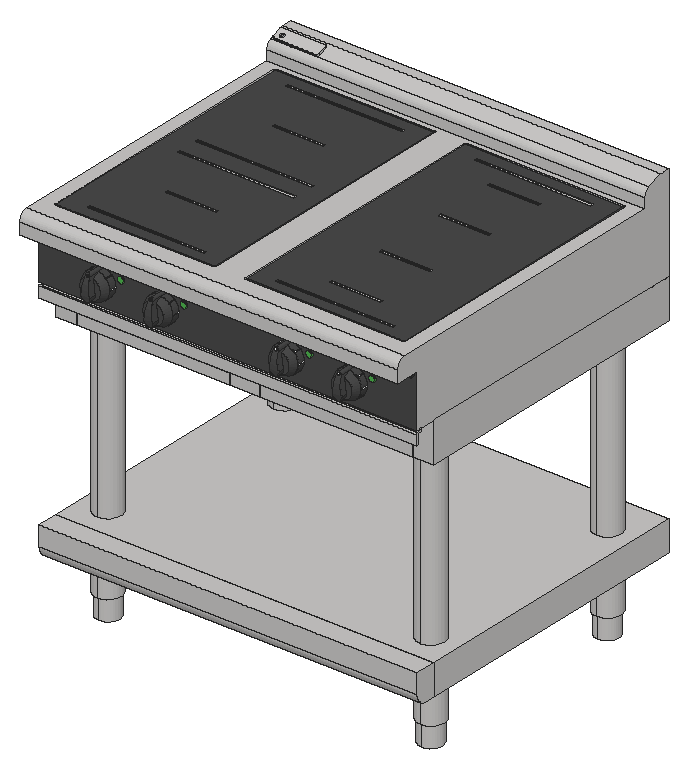
Revit family "QF_Moffat_INLB8400R5F-LS_Induction_Cooktop_cat", category Specialty Equipment, Revit 2019
Family settings
  Round Connector Dimension = Use Diameter
  Part Type = Normal
  Work Plane-Based = No
  Always vertical = Yes
  Cut with Voids When Loaded = No
  Shared = No
  Room Calculation Point = No
Parameters (values of type "INLB8400R5F-LS_415/60/3")
  Weight in Kilograms = 105
  Watts = 20000 W
  Volts = 415 V
  URL Cutsheet = ""
  Specification by User = ""
  Specification by Manufacturer = ""
  Show Logo [instance] = yes
  Serial Number = ""
  Seismic Rating = ""
  SMACNA No = ""
  Revision Code = ""
  Phase = 3
  Number of Poles = 1
  NAFEM Spec ID Number = ""
  Model = "INLB8400R5F-LS"
  Min Ckt Ampacity = 0 A
  Max Overcurrent Protection = 0 A
  Masterspec = ""
  Manufacturer = "Moffat"
  Length = 900 mm
  Item Number = ""
  Installed By = ""
  Identify Quantity as Lot = yes
  Height = 970 mm
  HP = ""
  Furnished By = ""
  Foodservice Equipment Identifier = yes
  FL Amps = 28 A
  Electrical Remarks = ""
  Electric Connection Type = ""
  Elec Conn RI Height = 0 mm
  Elec Conn Connection Height = 0 mm
  Description = "Induction Cooktop"
  Depth = 805 mm
  Cycle = 60 Hz
  Conn Plug = ""
  Conn Conduit = yes
  CSI MasterFormat = ""
  Apparent Power = if(Phase = 3, Volts * FL Amps * 1.73, Volts * FL Amps)  # 20102.6 VA
Reference planes
  plane 1 "BACK": y = 0
  plane 2: z = 0
  plane 3 "LEFT": x = 0
  plane 4 "RIGHT": x = 900
  plane 5 "FRONT": y = -805
  plane 6 "TOP": z = 970
  plane 7 "Center Y": x = 450
  plane 8 "Center X": y = -402.5
  plane 9: x = 65.5
  plane 10: x = 834.5
  plane 11: y = -30
  plane 12: z = 150
  plane 13: y = -100
  plane 14: y = -625
  plane 15: y = -70
  plane 16: z = 915
  plane 17: x = 770
Forms (mm)
  Extrusion 1, solid, material "QF_Metal_Stainless_Polished"
    sketch origin (0, 0, 560) x (0, 1, 0) y (0, 0, 1)
      loop
        line (0, 180) -> (0, 410) -> (-24.305, 410) -> (-57.632, 395.853)
        arc (-57.632, 395.853) -> (-66.628, 388.372) -> (-70, 377.167) r 20.3
        line (-70, 377.167) -> (-70, 355) -> (-784.417, 355)
        arc (-784.417, 355) -> (-798.971, 348.971) -> (-805, 334.417) r 20.583
        line (-805, 334.417) -> (-805, 305) -> (-749, 305) -> (-749, 180) -> (0, 180)
    from 0 to 900
  Extrusion 2, void
    sketch origin (0, -784.171, 915) x (0, 1, 0) y (-1, 0, 0)
      loop
        arc (699.341, -37.323) -> (697.584, -33.08) -> (693.341, -31.323) r 6
        line (693.341, -31.323) -> (45.245, -31.323)
        arc (45.245, -31.323) -> (41.002, -33.08) -> (39.245, -37.323) r 6
        line (39.245, -37.323) -> (39.245, -410.105)
        arc (39.245, -410.105) -> (41.002, -414.347) -> (45.245, -416.105) r 6
        line (45.245, -416.105) -> (693.341, -416.105)
        arc (693.341, -416.105) -> (697.584, -414.347) -> (699.341, -410.105) r 6
        line (699.341, -410.105) -> (699.341, -37.323)
      loop
        line (699.341, -862.677) -> (699.341, -489.895)
        arc (699.341, -489.895) -> (697.584, -485.653) -> (693.341, -483.895) r 6
        line (693.341, -483.895) -> (45.245, -483.895)
        arc (45.245, -483.895) -> (41.002, -485.653) -> (39.245, -489.895) r 6
        line (39.245, -489.895) -> (39.245, -862.677)
        arc (39.245, -862.677) -> (41.002, -866.92) -> (45.245, -868.677) r 6
        line (45.245, -868.677) -> (693.341, -868.677)
        arc (693.341, -868.677) -> (697.584, -866.92) -> (699.341, -862.677) r 6
    from 0 to -9.5
  Extrusion 3, solid, material "QF_Plastic_Black_Smooth"
    sketch origin (0, -784.171, 915) x (0, 1, 0) y (-1, 0, 0)
      loop
        line (695.341, -410.105) -> (695.341, -37.323)
        arc (695.341, -37.323) -> (694.755, -35.908) -> (693.341, -35.323) r 2
        line (693.341, -35.323) -> (45.245, -35.323)
        arc (45.245, -35.323) -> (43.831, -35.908) -> (43.245, -37.323) r 2
        line (43.245, -37.323) -> (43.245, -410.105)
        arc (43.245, -410.105) -> (43.831, -411.519) -> (45.245, -412.105) r 2
        line (45.245, -412.105) -> (693.341, -412.105)
        arc (693.341, -412.105) -> (694.755, -411.519) -> (695.341, -410.105) r 2
      loop
        line (667.194, -86.598) -> (661.194, -86.598) -> (661.194, -363.75) -> (667.194, -363.75) -> (667.194, -86.598)
      loop
        line (526.611, -163.924) -> (526.611, -283.924) -> (532.611, -283.924) -> (532.611, -163.924) -> (526.611, -163.924)
      loop
        line (398.444, -86.598) -> (392.444, -86.598) -> (392.444, -363.75) -> (398.444, -363.75) -> (398.444, -86.598)
      loop
        line (345.944, -86.598) -> (339.944, -86.598) -> (339.944, -363.75) -> (345.944, -363.75) -> (345.944, -86.598)
      loop
        line (206.611, -163.924) -> (206.611, -283.924) -> (212.611, -283.924) -> (212.611, -163.924) -> (206.611, -163.924)
      loop
        line (77.194, -86.598) -> (71.194, -86.598) -> (71.194, -363.75) -> (77.194, -363.75) -> (77.194, -86.598)
      loop
        arc (695.341, -489.895) -> (694.755, -488.481) -> (693.341, -487.895) r 2
        line (693.341, -487.895) -> (45.245, -487.895)
        arc (45.245, -487.895) -> (43.831, -488.481) -> (43.245, -489.895) r 2
        line (43.245, -489.895) -> (43.245, -862.677)
        arc (43.245, -862.677) -> (43.831, -864.092) -> (45.245, -864.677) r 2
        line (45.245, -864.677) -> (693.341, -864.677)
        arc (693.341, -864.677) -> (694.755, -864.092) -> (695.341, -862.677) r 2
        line (695.341, -862.677) -> (695.341, -489.895)
      loop
        line (667.194, -813.402) -> (667.194, -536.25) -> (661.194, -536.25) -> (661.194, -813.402) -> (667.194, -813.402)
      loop
        line (601.611, -736.076) -> (607.611, -736.076) -> (607.611, -616.076) -> (601.611, -616.076) -> (601.611, -736.076)
      loop
        line (279.111, -736.076) -> (285.111, -736.076) -> (285.111, -616.076) -> (279.111, -616.076) -> (279.111, -736.076)
      loop
        line (77.194, -813.402) -> (77.194, -536.25) -> (71.194, -536.25) -> (71.194, -813.402) -> (77.194, -813.402)
      loop
        line (454.501, -736.076) -> (460.501, -736.076) -> (460.501, -616.076) -> (454.501, -616.076) -> (454.501, -736.076)
      loop
        line (131.211, -736.076) -> (137.211, -736.076) -> (137.211, -616.076) -> (131.211, -616.076) -> (131.211, -736.076)
    from 0 to -9.5
  Extrusion 4, solid, material "QF_Metal_Stainless_Polished"
    sketch origin (0, 0, 600) x (0, 1, 0) y (0, 0, 1)
      loop
        line (-739.467, 140) -> (-738.192, 134.838)
        arc (-738.192, 134.838) -> (-738.307, 134.302) -> (-738.799, 134.063) r 0.625
        line (-738.799, 134.063) -> (-746.111, 134.063)
        arc (-746.111, 134.063) -> (-748.011, 133.276) -> (-748.797, 131.377) r 2.686
        line (-748.797, 131.377) -> (-748.797, 107.627) -> (-747.197, 107.627) -> (-747.197, 131.242)
        arc (-747.197, 131.242) -> (-746.84, 132.105) -> (-745.976, 132.463) r 1.221
        line (-745.976, 132.463) -> (-738.755, 132.463)
        arc (-738.755, 132.463) -> (-737.028, 133.304) -> (-736.625, 135.182) r 2.194
        line (-736.625, 135.182) -> (-737.815, 140) -> (-739.467, 140)
    from 0 to 900
  Extrusion 5, solid, material "QF_Plastic_Black_Smooth"
    sketch origin (0, -749, 741.875) x (0, 0, 1) y (-1, 0, 0)
      loop
        circle (112.843, -13.157) r 5
      loop
        circle (112.843, -886.843) r 5
    from 0 to 1.6
  Extrusion 6, solid, material "QF_Metal_Stainless_Polished"
    sketch origin (450, -699, 645) x (0, 1, 0) y (1, 0, 0)
      loop
        circle (669, 320) r 6.35
    from 0 to 10
  Extrusion 7, solid, material "QF_Metal_Stainless_Polished"
    sketch origin (0, -699, 645) x (1, 0, 0) y (0, -1, 0)
      loop
        line (0, -699) -> (900, -699) -> (900, 0) -> (849.2, 0) -> (849.2, -25.4) -> (485.8, -25.4) -> (485.8, 0) -> (414.2, 0) -> (414.2, -25.4) -> (50.8, -25.4) -> (50.8, 0) -> (0, 0) -> (0, -699)
    from 0 to -95
  Extrusion 8, solid, material "QF_Metal_Stainless_Polished"
    sketch origin (50.8, -30, 645) x (0, 1, 0) y (0, 0, 1)
      loop
        line (-669, 0) -> (-643.6, 0) -> (-643.6, 26.45) -> (-669, 26.45) -> (-669, 0)
      loop
        line (-669, 32.45) -> (-643.6, 32.45) -> (-643.6, 66.4) -> (-669, 66.4) -> (-669, 32.45)
      loop
        line (-669, 67.4) -> (-643.6, 67.4) -> (-643.6, 95) -> (-669, 95) -> (-669, 67.4)
    from 0 to 363.4
  Extrusion 9, solid, material "QF_Metal_Stainless_Polished"
    sketch origin (900, 0, 560) x (-1, 0, 0) y (0, -1, 0)
      loop
        line (536.25, 122.976) -> (536.25, 116.976) -> (813.402, 116.976) -> (813.402, 122.976) -> (536.25, 122.976)
      loop
        line (736.076, 251.56) -> (736.076, 257.56) -> (616.076, 257.56) -> (616.076, 251.56) -> (736.076, 251.56)
      loop
        line (813.402, 385.726) -> (813.402, 391.726) -> (536.25, 391.726) -> (536.25, 385.726) -> (813.402, 385.726)
      loop
        line (813.402, 438.226) -> (813.402, 444.226) -> (536.25, 444.226) -> (536.25, 438.226) -> (813.402, 438.226)
      loop
        line (736.076, 571.56) -> (736.076, 577.56) -> (616.076, 577.56) -> (616.076, 571.56) -> (736.076, 571.56)
      loop
        line (536.25, 712.976) -> (536.25, 706.976) -> (813.402, 706.976) -> (813.402, 712.976) -> (536.25, 712.976)
      loop
        line (86.598, 712.976) -> (86.598, 706.976) -> (363.75, 706.976) -> (363.75, 712.976) -> (86.598, 712.976)
      loop
        line (163.924, 652.959) -> (163.924, 646.959) -> (283.924, 646.959) -> (283.924, 652.959) -> (163.924, 652.959)
      loop
        line (163.924, 505.06) -> (163.924, 499.06) -> (283.924, 499.06) -> (283.924, 505.06) -> (163.924, 505.06)
      loop
        line (163.924, 329.669) -> (163.924, 323.669) -> (283.924, 323.669) -> (283.924, 329.669) -> (163.924, 329.669)
      loop
        line (163.924, 182.56) -> (163.924, 176.56) -> (283.924, 176.56) -> (283.924, 182.56) -> (163.924, 182.56)
      loop
        line (86.598, 122.976) -> (86.598, 116.976) -> (363.75, 116.976) -> (363.75, 122.976) -> (86.598, 122.976)
    from 355 to 345.5
  Extrusion 10, solid, material "QF_Paint_Green"
    sketch origin (63.231, -748.999, 713.75) x (0, 0, 1) y (-1, 0, 0)
      loop
        circle (100.3, -282.5) r 7.15
    from 0 to 1.6
  Extrusion 11, solid, material "QF_Plastic_Black_Smooth"
    sketch origin (75, -748.999, 725.625) x (0, 0, 1) y (-1, 0, 0)
      loop
        circle (112.843, -225) r 5
    from 0 to 1.6
  Extrusion 12, solid, material "QF_Paint_Green"
    sketch origin (-86.769, -748.999, 713.75) x (0, 0, 1) y (-1, 0, 0)
      loop
        circle (100.3, -282.5) r 7.15
    from 0 to 1.6
  Extrusion 13, solid, material "QF_Plastic_Black_Smooth"
    sketch origin (-75, -748.999, 725.625) x (0, 0, 1) y (-1, 0, 0)
      loop
        circle (112.843, -225) r 5
    from 0 to 1.6
  Extrusion 14, solid, material "QF_Paint_Green"
    sketch origin (511.981, -748.999, 713.75) x (0, 0, 1) y (-1, 0, 0)
      loop
        circle (100.3, -282.5) r 7.15
    from 0 to 1.6
  Extrusion 15, solid, material "QF_Plastic_Black_Smooth"
    sketch origin (523.75, -748.999, 725.625) x (0, 0, 1) y (-1, 0, 0)
      loop
        circle (112.843, -225) r 5
    from 0 to 1.6
  Extrusion 16, solid, material "QF_Paint_Green"
    sketch origin (361.981, -748.999, 713.75) x (0, 0, 1) y (-1, 0, 0)
      loop
        circle (100.3, -282.5) r 7.15
    from 0 to 1.6
  Extrusion 17, solid, material "QF_Plastic_Black_Smooth"
    sketch origin (373.75, -748.999, 725.625) x (0, 0, 1) y (-1, 0, 0)
      loop
        circle (112.843, -225) r 5
    from 0 to 1.6
  Extrusion 18, solid, material "QF_Metal_Stainless_Polished"
    sketch origin (849.2, -30, 645) x (0, 1, 0) y (0, 0, -1)
      loop
        line (-669, 0) -> (-669, -26.45) -> (-643.6, -26.45) -> (-643.6, 0) -> (-669, 0)
      loop
        line (-669, -32.45) -> (-669, -66.4) -> (-643.6, -66.4) -> (-643.6, -32.45) -> (-669, -32.45)
      loop
        line (-669, -67.4) -> (-669, -95) -> (-643.6, -95) -> (-643.6, -67.4) -> (-669, -67.4)
    from 0 to 363.4
Cuts and joins
  Extrusion 2 cuts Extrusion 1
Lines and regions (mm)
  symbolic lines
    curve 1: line (0, 0, 0) -> (900, 0, 0)
    curve 2: line (0, -805, 0) -> (0, 0, 0)
    curve 3: line (900, -805, 0) -> (0, -805, 0)
    curve 4: line (900, 0, 0) -> (900, -805, 0)
    curve 5: line (0, -18.182, 0) -> (900, -18.182, 0)
    curve 6: line (0, -70, 0) -> (450, -70, 0)
    curve 7: line (37.323, -84.83, 0) -> (410.105, -84.83, 0)
    curve 8: arc (410.105, -84.83, 0) -> (414.347, -86.587, 0) -> (416.105, -90.83, 0) r 6
    curve 9: line (416.105, -90.83, 0) -> (416.105, -738.926, 0)
    curve 10: arc (416.105, -738.926, 0) -> (414.347, -743.168, 0) -> (410.105, -744.926, 0) r 6
    curve 11: line (410.105, -744.926, 0) -> (37.323, -744.926, 0)
    curve 12: arc (37.323, -744.926, 0) -> (33.08, -743.168, 0) -> (31.323, -738.926, 0) r 6
    curve 13: line (31.323, -738.926, 0) -> (31.323, -90.83, 0)
    curve 14: arc (31.323, -90.83, 0) -> (33.08, -86.587, 0) -> (37.323, -84.83, 0) r 6
    curve 15: line (410.105, -88.83, 0) -> (37.323, -88.83, 0)
    curve 16: arc (37.323, -88.83, 0) -> (35.908, -89.415, 0) -> (35.323, -90.83, 0) r 2
    curve 17: line (35.323, -90.83, 0) -> (35.323, -738.926, 0)
    curve 18: arc (35.323, -738.926, 0) -> (35.908, -740.34, 0) -> (37.323, -740.926, 0) r 2
    curve 19: line (37.323, -740.926, 0) -> (410.105, -740.926, 0)
    curve 20: arc (410.105, -740.926, 0) -> (411.519, -740.34, 0) -> (412.105, -738.926, 0) r 2
    curve 21: line (412.105, -738.926, 0) -> (412.105, -90.83, 0)
    curve 22: arc (412.105, -90.83, 0) -> (411.519, -89.415, 0) -> (410.105, -88.83, 0) r 2
    curve 23: line (416.105, -738.926, 0) -> (416.105, -90.83, 0)
    curve 24: line (412.105, -90.83, 0) -> (412.105, -738.926, 0)
    curve 25: line (862.677, -84.83, 0) -> (489.895, -84.83, 0)
    curve 26: arc (489.895, -84.83, 0) -> (485.653, -86.587, 0) -> (483.895, -90.83, 0) r 6
    curve 27: arc (483.895, -738.926, 0) -> (485.653, -743.168, 0) -> (489.895, -744.926, 0) r 6
    curve 28: line (489.895, -744.926, 0) -> (862.677, -744.926, 0)
    curve 29: arc (862.677, -744.926, 0) -> (866.92, -743.168, 0) -> (868.677, -738.926, 0) r 6
    curve 30: line (868.677, -738.926, 0) -> (868.677, -90.83, 0)
    curve 31: arc (868.677, -90.83, 0) -> (866.92, -86.587, 0) -> (862.677, -84.83, 0) r 6
    curve 32: line (489.895, -88.83, 0) -> (862.677, -88.83, 0)
    curve 33: arc (862.677, -88.83, 0) -> (864.092, -89.415, 0) -> (864.677, -90.83, 0) r 2
    curve 34: line (864.677, -90.83, 0) -> (864.677, -738.926, 0)
    curve 35: arc (864.677, -738.926, 0) -> (864.092, -740.34, 0) -> (862.677, -740.926, 0) r 2
    curve 36: line (862.677, -740.926, 0) -> (489.895, -740.926, 0)
    curve 37: arc (489.895, -740.926, 0) -> (488.481, -740.34, 0) -> (487.895, -738.926, 0) r 2
    curve 38: arc (487.895, -90.83, 0) -> (488.481, -89.415, 0) -> (489.895, -88.83, 0) r 2
    curve 39: line (487.895, -90.83, 0) -> (487.895, -738.926, 0)
    curve 40: arc (487.895, -738.926, 0) -> (488.481, -740.34, 0) -> (489.895, -740.926, 0) r 2
    curve 41: line (489.895, -740.926, 0) -> (862.677, -740.926, 0)
    curve 42: arc (862.677, -740.926, 0) -> (864.092, -740.34, 0) -> (864.677, -738.926, 0) r 2
    curve 43: line (864.677, -738.926, 0) -> (864.677, -90.83, 0)
    curve 44: arc (864.677, -90.83, 0) -> (864.092, -89.415, 0) -> (862.677, -88.83, 0) r 2
    curve 45: line (862.677, -88.83, 0) -> (489.895, -88.83, 0)
    curve 46: arc (489.895, -88.83, 0) -> (488.481, -89.415, 0) -> (487.895, -90.83, 0) r 2
    curve 47: line (483.895, -90.83, 0) -> (483.895, -738.926, 0)
    curve 48: arc (483.895, -738.926, 0) -> (485.653, -743.168, 0) -> (489.895, -744.926, 0) r 6
    curve 49: line (489.895, -744.926, 0) -> (862.677, -744.926, 0)
    curve 50: arc (862.677, -744.926, 0) -> (866.92, -743.168, 0) -> (868.677, -738.926, 0) r 6
    curve 51: line (868.677, -738.926, 0) -> (868.677, -90.83, 0)
    curve 52: arc (868.677, -90.83, 0) -> (866.92, -86.587, 0) -> (862.677, -84.83, 0) r 6
    curve 53: line (862.677, -84.83, 0) -> (489.895, -84.83, 0)
    curve 54: arc (489.895, -84.83, 0) -> (485.653, -86.587, 0) -> (483.895, -90.83, 0) r 6
    curve 55: line (86.598, -122.976, 0) -> (363.75, -122.976, 0)
    curve 56: line (363.75, -122.976, 0) -> (363.75, -116.976, 0)
    curve 57: line (363.75, -116.976, 0) -> (86.598, -116.976, 0)
    curve 58: line (86.598, -116.976, 0) -> (86.598, -122.976, 0)
    curve 59: line (283.924, -251.56, 0) -> (163.924, -251.56, 0)
    curve 60: line (163.924, -251.56, 0) -> (163.924, -257.56, 0)
    curve 61: line (163.924, -257.56, 0) -> (283.924, -257.56, 0)
    curve 62: line (283.924, -257.56, 0) -> (283.924, -251.56, 0)
    curve 63: line (536.25, -122.976, 0) -> (813.402, -122.976, 0)
    curve 64: line (813.402, -122.976, 0) -> (813.402, -116.976, 0)
    curve 65: line (813.402, -116.976, 0) -> (536.25, -116.976, 0)
    curve 66: line (536.25, -116.976, 0) -> (536.25, -122.976, 0)
    curve 67: line (736.076, -176.56, 0) -> (616.076, -176.56, 0)
    curve 68: line (616.076, -176.56, 0) -> (616.076, -182.56, 0)
    curve 69: line (616.076, -182.56, 0) -> (736.076, -182.56, 0)
    curve 70: line (736.076, -182.56, 0) -> (736.076, -176.56, 0)
    curve 71: line (736.076, -323.669, 0) -> (616.076, -323.669, 0)
    curve 72: line (616.076, -323.669, 0) -> (616.076, -329.669, 0)
    curve 73: line (616.076, -329.669, 0) -> (736.076, -329.669, 0)
    curve 74: line (736.076, -329.669, 0) -> (736.076, -323.669, 0)
    curve 75: line (736.076, -499.06, 0) -> (616.076, -499.06, 0)
    curve 76: line (616.076, -499.06, 0) -> (616.076, -505.06, 0)
    curve 77: line (616.076, -505.06, 0) -> (736.076, -505.06, 0)
    curve 78: line (736.076, -505.06, 0) -> (736.076, -499.06, 0)
    curve 79: line (736.076, -646.959, 0) -> (616.076, -646.959, 0)
    curve 80: line (616.076, -646.959, 0) -> (616.076, -652.959, 0)
    curve 81: line (616.076, -652.959, 0) -> (736.076, -652.959, 0)
    curve 82: line (736.076, -652.959, 0) -> (736.076, -646.959, 0)
    curve 83: line (813.402, -706.976, 0) -> (536.25, -706.976, 0)
    curve 84: line (536.25, -706.976, 0) -> (536.25, -712.976, 0)
    curve 85: line (536.25, -712.976, 0) -> (813.402, -712.976, 0)
    curve 86: line (813.402, -712.976, 0) -> (813.402, -706.976, 0)
    curve 87: line (86.598, -712.976, 0) -> (363.75, -712.976, 0)
    curve 88: line (363.75, -712.976, 0) -> (363.75, -706.976, 0)
    curve 89: line (363.75, -706.976, 0) -> (86.598, -706.976, 0)
    curve 90: line (86.598, -706.976, 0) -> (86.598, -712.976, 0)
    curve 91: line (283.924, -577.56, 0) -> (163.924, -577.56, 0)
    curve 92: line (163.924, -577.56, 0) -> (163.924, -571.56, 0)
    curve 93: line (163.924, -571.56, 0) -> (283.924, -571.56, 0)
    curve 94: line (283.924, -571.56, 0) -> (283.924, -577.56, 0)
    curve 95: line (86.598, -444.226, 0) -> (363.75, -444.226, 0)
    curve 96: line (363.75, -444.226, 0) -> (363.75, -438.226, 0)
    curve 97: line (363.75, -438.226, 0) -> (86.598, -438.226, 0)
    curve 98: line (86.598, -438.226, 0) -> (86.598, -444.226, 0)
    curve 99: line (86.598, -391.726, 0) -> (363.75, -391.726, 0)
    curve 100: line (363.75, -391.726, 0) -> (363.75, -385.726, 0)
    curve 101: line (363.75, -385.726, 0) -> (86.598, -385.726, 0)
    curve 102: line (86.598, -385.726, 0) -> (86.598, -391.726, 0)
    curve 103: line (0, 0, 560) -> (900, 0, 560)
    curve 104: line (0, -805, 560) -> (0, 0, 560)
    curve 105: line (900, -805, 560) -> (0, -805, 560)
    curve 106: line (900, 0, 560) -> (900, -805, 560)
    curve 107: line (0, -18.182, 560) -> (900, -18.182, 560)
    curve 108: line (0, -70, 560) -> (900, -70, 560)
    curve 109: line (416.105, -90.83, 560) -> (416.105, -738.926, 560)
    curve 110: line (412.105, -738.926, 560) -> (412.105, -90.83, 560)
    curve 111: line (416.105, -738.926, 560) -> (416.105, -90.83, 560)
    curve 112: line (412.105, -90.83, 560) -> (412.105, -738.926, 560)
    curve 113: line (862.677, -84.83, 560) -> (489.895, -84.83, 560)
    curve 114: arc (483.895, -738.926, 560) -> (485.653, -743.168, 560) -> (489.895, -744.926, 560) r 6
    curve 115: line (489.895, -744.926, 560) -> (862.677, -744.926, 560)
    curve 116: arc (862.677, -744.926, 560) -> (866.92, -743.168, 560) -> (868.677, -738.926, 560) r 6
    curve 117: arc (864.677, -738.926, 560) -> (864.092, -740.34, 560) -> (862.677, -740.926, 560) r 2
    curve 118: line (862.677, -740.926, 560) -> (489.895, -740.926, 560)
    curve 119: arc (489.895, -740.926, 560) -> (488.481, -740.34, 560) -> (487.895, -738.926, 560) r 2
    curve 120: arc (487.895, -738.926, 560) -> (488.481, -740.34, 560) -> (489.895, -740.926, 560) r 2
    curve 121: line (489.895, -740.926, 560) -> (862.677, -740.926, 560)
    curve 122: arc (862.677, -740.926, 560) -> (864.092, -740.34, 560) -> (864.677, -738.926, 560) r 2
    curve 123: arc (483.895, -738.926, 560) -> (485.653, -743.168, 560) -> (489.895, -744.926, 560) r 6
    curve 124: line (489.895, -744.926, 560) -> (862.677, -744.926, 560)
    curve 125: arc (862.677, -744.926, 560) -> (866.92, -743.168, 560) -> (868.677, -738.926, 560) r 6
    curve 126: line (86.598, -122.976, 560) -> (363.75, -122.976, 560)
    curve 127: line (363.75, -122.976, 560) -> (363.75, -116.976, 560)
    curve 128: line (363.75, -116.976, 560) -> (86.598, -116.976, 560)
    curve 129: line (86.598, -116.976, 560) -> (86.598, -122.976, 560)
    curve 130: line (283.924, -251.56, 560) -> (163.924, -251.56, 560)
    curve 131: line (163.924, -251.56, 560) -> (163.924, -257.56, 560)
    curve 132: line (163.924, -257.56, 560) -> (283.924, -257.56, 560)
    curve 133: line (283.924, -257.56, 560) -> (283.924, -251.56, 560)
    curve 134: line (536.25, -122.976, 560) -> (813.402, -122.976, 560)
    curve 135: line (813.402, -122.976, 560) -> (813.402, -116.976, 560)
    curve 136: line (813.402, -116.976, 560) -> (536.25, -116.976, 560)
    curve 137: line (536.25, -116.976, 560) -> (536.25, -122.976, 560)
    curve 138: line (736.076, -176.56, 560) -> (616.076, -176.56, 560)
    curve 139: line (616.076, -176.56, 560) -> (616.076, -182.56, 560)
    curve 140: line (616.076, -182.56, 560) -> (736.076, -182.56, 560)
    curve 141: line (736.076, -182.56, 560) -> (736.076, -176.56, 560)
    curve 142: line (736.076, -323.669, 560) -> (616.076, -323.669, 560)
    curve 143: line (616.076, -323.669, 560) -> (616.076, -329.669, 560)
    curve 144: line (616.076, -329.669, 560) -> (736.076, -329.669, 560)
    curve 145: line (736.076, -329.669, 560) -> (736.076, -323.669, 560)
    curve 146: line (736.076, -499.06, 560) -> (616.076, -499.06, 560)
    curve 147: line (616.076, -499.06, 560) -> (616.076, -505.06, 560)
    curve 148: line (616.076, -505.06, 560) -> (736.076, -505.06, 560)
    curve 149: line (736.076, -505.06, 560) -> (736.076, -499.06, 560)
    curve 150: line (736.076, -646.959, 560) -> (616.076, -646.959, 560)
    curve 151: line (616.076, -646.959, 560) -> (616.076, -652.959, 560)
    curve 152: line (616.076, -652.959, 560) -> (736.076, -652.959, 560)
    curve 153: line (736.076, -652.959, 560) -> (736.076, -646.959, 560)
    curve 154: line (813.402, -706.976, 560) -> (536.25, -706.976, 560)
    curve 155: line (536.25, -706.976, 560) -> (536.25, -712.976, 560)
    curve 156: line (536.25, -712.976, 560) -> (813.402, -712.976, 560)
    curve 157: line (813.402, -712.976, 560) -> (813.402, -706.976, 560)
    curve 158: line (86.598, -712.976, 560) -> (363.75, -712.976, 560)
    curve 159: line (363.75, -712.976, 560) -> (363.75, -706.976, 560)
    curve 160: line (363.75, -706.976, 560) -> (86.598, -706.976, 560)
    curve 161: line (86.598, -706.976, 560) -> (86.598, -712.976, 560)
    curve 162: line (283.924, -577.56, 560) -> (163.924, -577.56, 560)
    curve 163: line (163.924, -577.56, 560) -> (163.924, -571.56, 560)
    curve 164: line (163.924, -571.56, 560) -> (283.924, -571.56, 560)
    curve 165: line (283.924, -571.56, 560) -> (283.924, -577.56, 560)
    curve 166: line (86.598, -444.226, 560) -> (363.75, -444.226, 560)
    curve 167: line (363.75, -444.226, 560) -> (363.75, -438.226, 560)
    curve 168: line (363.75, -438.226, 560) -> (86.598, -438.226, 560)
    curve 169: line (86.598, -438.226, 560) -> (86.598, -444.226, 560)
    curve 170: line (86.598, -391.726, 560) -> (363.75, -391.726, 560)
    curve 171: line (363.75, -391.726, 560) -> (363.75, -385.726, 560)
    curve 172: line (363.75, -385.726, 560) -> (86.598, -385.726, 560)
    curve 173: line (86.598, -385.726, 560) -> (86.598, -391.726, 560)
Dimensions and locks
  equal spacing: plane 3 "LEFT", plane 7 "Center Y", plane 4 "RIGHT"
  "Length": plane 3 "LEFT" to plane 4 "RIGHT"
  equal spacing: plane 5 "FRONT", plane 8 "Center X", plane 1 "BACK"
  "Depth": plane 5 "FRONT" to plane 1 "BACK"
  "Height": plane 6 "TOP" to level
  plane 9 to plane 10 = 769 mm
  plane 4 "RIGHT" to plane 3 "LEFT" = 900 mm
  plane 6 "TOP" to plane 2 = 970 mm
  plane 1 "BACK" to plane 11 = 30 mm
  plane 1 "BACK" to plane 13 to plane 14 = 100 mm, 525 mm
  plane 1 "BACK" to plane 15 = 70 mm
  plane 16 to level = 915 mm  (x2)
  level to plane 12 = 150 mm
  plane 12 to level = 150 mm
  plane 4 "RIGHT" to plane 17 = 130 mm
  plane 1 "BACK" to plane 5 "FRONT" = 805 mm
  locked: plane 10 to plane 4 "RIGHT" at 65.5
  aligned and locked: level to plane 2
  aligned and locked: plane 7 "Center Y" to nested 1
  aligned and locked: plane 8 "Center X" to nested 1
  aligned and locked: Extrusion 18 to Extrusion 7  (x2)
Automatic sketch dimensions
  curve 8 to curve 22 = 0 mm  (x2)
  curve 10 to curve 20 = 0 mm  (x2)
  curve 12 to curve 18 = 0 mm  (x2)
  curve 14 to curve 16 = 0 mm  (x2)
  curve 26 to curve 38 = 0 mm  (x2)
  curve 26 to curve 46 = 0 mm  (x2)
  curve 26 to curve 54 = 0 mm  (x2)
  curve 27 to curve 37 = 0 mm  (x2)
  curve 27 to curve 40 = 0 mm  (x2)
  curve 27 to curve 48 = 0 mm  (x2)
  curve 29 to curve 35 = 0 mm  (x2)
  curve 29 to curve 42 = 0 mm  (x2)
  curve 29 to curve 50 = 0 mm  (x2)
  curve 31 to curve 33 = 0 mm  (x2)
  curve 31 to curve 44 = 0 mm  (x2)
  curve 31 to curve 52 = 0 mm  (x2)
  curve 33 to curve 44 = 0 mm  (x2)
  curve 33 to curve 52 = 0 mm  (x2)
  curve 35 to curve 42 = 0 mm  (x2)
  curve 35 to curve 50 = 0 mm  (x2)
  curve 37 to curve 40 = 0 mm  (x2)
  curve 37 to curve 48 = 0 mm  (x2)
  curve 38 to curve 46 = 0 mm  (x2)
  curve 38 to curve 54 = 0 mm  (x2)
  curve 40 to curve 48 = 0 mm  (x2)
  curve 42 to curve 50 = 0 mm  (x2)
  curve 44 to curve 52 = 0 mm  (x2)
  curve 46 to curve 54 = 0 mm  (x2)
  plane 1 "BACK" to curve 1 = 0 mm
  curve 1 to plane 3 "LEFT" = 0 mm
  curve 6 to plane 7 "Center Y" = 0 mm
  curve 5 to plane 4 "RIGHT" = 0 mm
  plane 5 "FRONT" to curve 3 = 0 mm
  plane 15 to curve 6 = 0 mm
  plane 3 "LEFT" to curve 13 = 31.323 mm
  curve 13 to curve 17 = 4 mm
  curve 17 to curve 16 = 2 mm
  curve 17 to curve 18 = 2 mm
  curve 102 to plane 9 = 21.098 mm
  curve 57 to plane 9 = 21.098 mm
  curve 87 to plane 9 = 21.098 mm
  curve 95 to plane 9 = 21.098 mm
  curve 91 to plane 14 = 47.44 mm
  curve 91 to plane 9 = 98.424 mm
  curve 60 to plane 9 = 98.424 mm
  curve 60 to curve 61 = 120 mm
  curve 93 to plane 14 = 53.44 mm
  curve 92 to curve 93 = 120 mm
  curve 96 to plane 8 "Center X" = 41.726 mm
  curve 96 to plane 7 "Center Y" = 86.25 mm
  plane 8 "Center X" to curve 99 = 10.774 mm
  curve 99 to curve 96 = 0 mm
  plane 13 to curve 56 = 16.976 mm
  curve 56 to plane 7 "Center Y" = 86.25 mm
  curve 89 to plane 7 "Center Y" = 86.25 mm
  curve 8 to plane 13 = 9.17 mm
  curve 8 to plane 7 "Center Y" = 39.895 mm
  curve 10 to plane 7 "Center Y" = 39.895 mm
  curve 8 to curve 21 = 2 mm
  plane 7 "Center Y" to curve 47 = 33.895 mm
  curve 27 to curve 39 = 4 mm
  curve 38 to curve 46 = 2 mm
  curve 37 to curve 36 = 2 mm
  plane 13 to curve 66 = 22.976 mm
  curve 26 to curve 66 = 46.355 mm
  curve 27 to curve 85 = 46.355 mm
  curve 63 to curve 67 = 79.826 mm
  curve 77 to plane 17 = 153.924 mm
  plane 14 to curve 80 = 21.959 mm
  curve 83 to curve 80 = 79.826 mm
  plane 8 "Center X" to curve 73 = 72.831 mm
  curve 73 to curve 68 = 0 mm
  curve 77 to plane 17 = 33.924 mm
  curve 67 to plane 17 = 33.924 mm
  curve 71 to plane 17 = 33.924 mm
  curve 79 to plane 17 = 33.924 mm
  plane 10 to curve 63 = 21.098 mm
  plane 10 to curve 85 = 21.098 mm
  curve 42 to plane 10 = 28.177 mm
  curve 32 to plane 13 = 11.17 mm
  curve 32 to plane 10 = 28.177 mm
  curve 31 to curve 34 = 2 mm
  curve 49 to plane 5 "FRONT" = 60.074 mm
  curve 11 to plane 5 "FRONT" = 60.074 mm
  curve 27 to curve 84 = 25.949 mm
  curve 10 to curve 87 = 25.949 mm
  curve 85 to curve 83 = 6 mm
  curve 87 to curve 90 = 6 mm
  curve 81 to curve 79 = 6 mm
  curve 78 to plane 8 "Center X" = 102.56 mm
  curve 77 to curve 75 = 6 mm
  curve 95 to curve 98 = 6 mm
  curve 99 to curve 100 = 6 mm
  curve 73 to curve 74 = 6 mm
  plane 8 "Center X" to curve 62 = 144.94 mm
  curve 61 to curve 62 = 6 mm
  plane 13 to curve 70 = 82.56 mm
  curve 68 to curve 68 = 6 mm
  curve 58 to curve 57 = 6 mm
  curve 63 to curve 65 = 6 mm
  curve 5 to plane 11 = 11.818 mm
  Extrusion 2 sketch curve to Extrusion 1 = 39.492 mm  (x2)
  Extrusion 2 sketch curve to Extrusion 2 sketch curve = 6 mm  (x6)
  Extrusion 1 to Extrusion 2 sketch curve = 20.83 mm  (x4)
  Extrusion 1 to Extrusion 2 sketch curve = 31.323 mm
  Extrusion 2 sketch curve to Extrusion 2 sketch curve = 372.782 mm
  Extrusion 2 sketch curve to Extrusion 2 sketch curve = 67.791 mm
  Extrusion 1 to Extrusion 2 sketch curve = 37.323 mm
  Extrusion 3 sketch curve to Extrusion 1 = 43.492 mm  (x2)
  Extrusion 3 sketch curve to Extrusion 3 sketch curve = 2 mm  (x6)
  Extrusion 3 sketch curve to Extrusion 3 sketch curve = 25.949 mm  (x2)
  Extrusion 3 sketch curve to Extrusion 3 sketch curve = 6 mm  (x12)
  Extrusion 3 sketch curve to Extrusion 3 sketch curve = 54.017 mm
  Extrusion 3 sketch curve to Extrusion 3 sketch curve = 129.416 mm
  Extrusion 3 sketch curve to Extrusion 3 sketch curve = 141.899 mm
  Extrusion 3 sketch curve to Extrusion 3 sketch curve = 127.334 mm
  Extrusion 3 sketch curve to Extrusion 3 sketch curve = 46.5 mm
  Extrusion 3 sketch curve to Extrusion 3 sketch curve = 169.391 mm
  Extrusion 3 sketch curve to Extrusion 3 sketch curve = 128.166 mm
  Extrusion 1 to Extrusion 3 sketch curve = 112.56 mm
  Extrusion 1 to Extrusion 3 sketch curve = 52.976 mm  (x2)
  Extrusion 1 to Extrusion 3 sketch curve = 20.83 mm  (x4)
  Extrusion 1 to Extrusion 3 sketch curve = 35.323 mm
  Extrusion 3 sketch curve to Extrusion 3 sketch curve = 49.275 mm  (x2)
  Extrusion 3 sketch curve to Extrusion 3 sketch curve = 77.326 mm  (x2)
  Extrusion 1 to Extrusion 3 sketch curve = 163.924 mm
  Extrusion 3 sketch curve to Extrusion 3 sketch curve = 0 mm  (x3)
  Extrusion 3 sketch curve to Extrusion 3 sketch curve = 120 mm  (x6)
  Extrusion 3 sketch curve to Extrusion 3 sketch curve = 79.826 mm  (x4)
  Extrusion 3 sketch curve to Extrusion 3 sketch curve = 46.355 mm  (x3)
  Extrusion 3 sketch curve to Extrusion 3 sketch curve = 75.791 mm
  Extrusion 3 sketch curve to Extrusion 3 sketch curve = 252.326 mm
  Extrusion 1 to Extrusion 3 sketch curve = 86.598 mm  (x3)
  Extrusion 1 to Extrusion 3 sketch curve = 37.323 mm
  Extrusion 4 sketch curve to plane 5 "FRONT" = 56.203 mm
  Extrusion 4 sketch curve to Extrusion 4 sketch curve = 1.6 mm
  Extrusion 4 sketch curve to Extrusion 4 sketch curve = 1.086 mm
  Extrusion 4 sketch curve to Extrusion 4 sketch curve = 0.135 mm  (x2)
  Extrusion 4 sketch curve to Extrusion 4 sketch curve = 6.644 mm
  Extrusion 4 sketch curve to Extrusion 4 sketch curve = 0.668 mm
  Extrusion 4 sketch curve to Extrusion 4 sketch curve = 0.044 mm
  Extrusion 4 sketch curve to Extrusion 4 sketch curve = 0.563 mm
  Extrusion 4 sketch curve to Extrusion 4 sketch curve = 1.652 mm
  Extrusion 4 sketch curve to Extrusion 4 sketch curve = 1.567 mm
  Extrusion 4 sketch curve to plane 16 = 207.373 mm
  Extrusion 4 sketch curve to Extrusion 4 sketch curve = 23.614 mm
  Extrusion 4 sketch curve to Extrusion 4 sketch curve = 0.594 mm
  Extrusion 4 sketch curve to Extrusion 4 sketch curve = 0.032 mm
  Extrusion 4 sketch curve to Extrusion 4 sketch curve = 5.162 mm
  Extrusion 1 to Extrusion 5 sketch curve = 10.282 mm  (x2)
  Extrusion 1 to Extrusion 5 sketch curve = 13.157 mm  (x2)
  Extrusion 7 to Extrusion 6 sketch curve = 30 mm
  Extrusion 6 sketch curve to Extrusion 7 = 79.2 mm
  Extrusion 7 sketch curve to plane 3 "LEFT" = 0 mm
  Extrusion 7 sketch curve to plane 4 "RIGHT" = 0 mm
  plane 1 "BACK" to Extrusion 7 sketch curve = 0 mm
  plane 9 to Extrusion 7 sketch curve = 14.7 mm
  Extrusion 7 sketch curve to plane 7 "Center Y" = 35.8 mm
  plane 7 "Center Y" to Extrusion 7 sketch curve = 35.8 mm
  Extrusion 7 sketch curve to plane 10 = 14.7 mm
  plane 14 to Extrusion 7 sketch curve = 48.6 mm  (x2)
  Extrusion 7 sketch curve to Extrusion 7 sketch curve = 25.4 mm  (x3)
  Extrusion 8 sketch curve to Extrusion 7 = 0 mm  (x8)
  Extrusion 7 to Extrusion 8 sketch curve = 26.45 mm
  Extrusion 8 sketch curve to Extrusion 8 sketch curve = 6 mm
  Extrusion 7 to Extrusion 8 sketch curve = 28.6 mm
  Extrusion 8 sketch curve to Extrusion 8 sketch curve = 1 mm
  Extrusion 9 sketch curve to plane 10 = 21.098 mm  (x2)
  plane 17 to Extrusion 9 sketch curve = 33.924 mm  (x4)
  Extrusion 9 sketch curve to Extrusion 9 sketch curve = 120 mm  (x4)
  Extrusion 9 sketch curve to plane 14 = 21.959 mm
  Extrusion 9 sketch curve to plane 7 "Center Y" = 86.25 mm  (x2)
  Extrusion 9 sketch curve to plane 13 = 16.976 mm
  Extrusion 9 sketch curve to plane 13 = 22.976 mm
  plane 7 "Center Y" to Extrusion 9 sketch curve = 86.25 mm  (x3)
  Extrusion 9 sketch curve to plane 8 "Center X" = 10.774 mm
  Extrusion 9 sketch curve to Extrusion 9 sketch curve = 0 mm
  Extrusion 9 sketch curve to Extrusion 9 sketch curve = 79.826 mm  (x2)
  plane 14 to Extrusion 9 sketch curve = 53.44 mm
  plane 9 to Extrusion 9 sketch curve = 98.424 mm  (x2)
  plane 9 to Extrusion 9 sketch curve = 21.098 mm  (x4)
  Extrusion 9 sketch curve to Extrusion 9 sketch curve = 6 mm  (x12)
  Extrusion 9 sketch curve to plane 14 = 81.976 mm  (x2)
  plane 8 "Center X" to Extrusion 9 sketch curve = 102.56 mm
  plane 8 "Center X" to Extrusion 9 sketch curve = 41.726 mm
  Extrusion 9 sketch curve to plane 8 "Center X" = 72.831 mm
  Extrusion 9 sketch curve to plane 8 "Center X" = 144.94 mm
  Extrusion 9 sketch curve to plane 13 = 82.56 mm
  Extrusion 10 sketch curve to plane 16 = 100.95 mm
  Extrusion 10 sketch curve to plane 7 "Center Y" = 104.269 mm
  Extrusion 11 sketch curve to plane 16 = 76.532 mm
  Extrusion 11 sketch curve to plane 7 "Center Y" = 150 mm
  Extrusion 12 sketch curve to plane 16 = 100.95 mm
  Extrusion 12 sketch curve to plane 9 = 130.231 mm
  Extrusion 13 sketch curve to plane 16 = 76.532 mm
  Extrusion 13 sketch curve to plane 9 = 84.5 mm
  plane 17 to Extrusion 14 sketch curve = 24.481 mm
  Extrusion 14 sketch curve to plane 16 = 100.95 mm
  Extrusion 15 sketch curve to plane 17 = 21.25 mm
  Extrusion 15 sketch curve to plane 16 = 76.532 mm
  Extrusion 16 sketch curve to plane 16 = 100.95 mm
  Extrusion 16 sketch curve to plane 17 = 125.519 mm
  Extrusion 17 sketch curve to plane 16 = 76.532 mm
  plane 7 "Center Y" to Extrusion 17 sketch curve = 148.75 mm
  plane 14 to Extrusion 18 sketch curve = 74 mm
  Extrusion 18 sketch curve to Extrusion 18 sketch curve = 0 mm  (x4)
  Extrusion 18 sketch curve to Extrusion 18 sketch curve = 25.4 mm
  Extrusion 18 sketch curve to plane 16 = 175 mm
  Extrusion 18 sketch curve to Extrusion 18 sketch curve = 27.6 mm
  Extrusion 18 sketch curve to Extrusion 18 sketch curve = 1 mm
  Extrusion 18 sketch curve to Extrusion 18 sketch curve = 33.95 mm
  Extrusion 18 sketch curve to Extrusion 18 sketch curve = 6 mm
  Extrusion 18 sketch curve to Extrusion 18 sketch curve = 26.45 mm
  curve 114 to curve 119 = 0 mm
  curve 114 to curve 120 = 0 mm
  curve 116 to curve 117 = 0 mm
  curve 122 to curve 125 = 0 mm
  plane 1 "BACK" to curve 103 = 0 mm
  curve 103 to plane 3 "LEFT" = 0 mm
  plane 7 "Center Y" to curve 108 = 450 mm
  curve 107 to plane 4 "RIGHT" = 0 mm
  plane 5 "FRONT" to curve 105 = 0 mm
  plane 15 to curve 108 = 0 mm
  curve 173 to plane 9 = 21.098 mm
  curve 128 to plane 9 = 21.098 mm
  curve 158 to plane 9 = 21.098 mm
  curve 166 to plane 9 = 21.098 mm
  curve 162 to plane 14 = 47.44 mm
  curve 162 to plane 9 = 98.424 mm
  curve 131 to plane 9 = 98.424 mm
  curve 131 to curve 132 = 120 mm
  curve 164 to plane 14 = 53.44 mm
  curve 163 to curve 164 = 120 mm
  curve 167 to plane 8 "Center X" = 41.726 mm
  curve 167 to plane 7 "Center Y" = 86.25 mm
  plane 8 "Center X" to curve 170 = 10.774 mm
  curve 170 to curve 167 = 0 mm
  plane 13 to curve 127 = 16.976 mm
  curve 127 to plane 7 "Center Y" = 86.25 mm
  curve 160 to plane 7 "Center Y" = 86.25 mm
  curve 119 to curve 118 = 2 mm
  plane 13 to curve 137 = 22.976 mm
  curve 119 to curve 156 = 46.355 mm
  curve 134 to curve 138 = 79.826 mm
  curve 148 to plane 17 = 153.924 mm
  plane 14 to curve 151 = 21.959 mm
  curve 154 to curve 151 = 79.826 mm
  plane 8 "Center X" to curve 144 = 72.831 mm
  curve 144 to curve 139 = 0 mm
  curve 148 to plane 17 = 33.924 mm
  curve 138 to plane 17 = 33.924 mm
  curve 142 to plane 17 = 33.924 mm
  curve 150 to plane 17 = 33.924 mm
  plane 10 to curve 134 = 21.098 mm
  plane 10 to curve 156 = 21.098 mm
  curve 122 to plane 10 = 28.177 mm
  curve 124 to plane 5 "FRONT" = 60.074 mm
  curve 119 to curve 155 = 25.949 mm
  curve 156 to curve 154 = 6 mm
  curve 158 to curve 161 = 6 mm
  curve 152 to curve 150 = 6 mm
  curve 149 to plane 8 "Center X" = 102.56 mm
  curve 148 to curve 146 = 6 mm
  curve 166 to curve 169 = 6 mm
  curve 170 to curve 171 = 6 mm
  curve 144 to curve 145 = 6 mm
  plane 8 "Center X" to curve 133 = 144.94 mm
  curve 132 to curve 133 = 6 mm
  plane 13 to curve 141 = 82.56 mm
  curve 139 to curve 139 = 6 mm
  curve 129 to curve 128 = 6 mm
  curve 134 to curve 136 = 6 mm
  curve 107 to plane 11 = 11.818 mm
  curve 110 to plane 13 = 9.17 mm
  curve 110 to plane 7 "Center Y" = 37.895 mm
  curve 110 to curve 109 = 4 mm
  curve 111 to plane 5 "FRONT" = 66.074 mm
  curve 110 to curve 109 = 0 mm  (x2)
  plane 14 to curve 158 = 87.976 mm
  plane 7 "Center Y" to curve 121 = 39.895 mm
  plane 15 to curve 113 = 14.83 mm
  plane 7 "Center Y" to curve 113 = 39.895 mm
  curve 113 to curve 134 = 46.355 mm
  curve 113 to plane 10 = 28.177 mm
  curve 115 to curve 118 = 4 mm
  curve 118 to curve 122 = 2 mm
  Extrusion 1 sketch curve to plane 5 "FRONT" = 0 mm
  Extrusion 1 sketch curve to plane 16 = 0 mm
  Extrusion 1 sketch curve to plane 15 = 0 mm
  Extrusion 1 sketch curve to plane 6 "TOP" = 0 mm
  Extrusion 1 sketch curve to plane 1 "BACK" = 0 mm
  Extrusion 1 sketch curve to Extrusion 1 sketch curve = 20.583 mm
  Extrusion 1 sketch curve to Extrusion 1 sketch curve = 35.417 mm
  Extrusion 1 sketch curve to plane 15 = 12.368 mm
  Extrusion 1 sketch curve to Extrusion 1 sketch curve = 20.3 mm
  Extrusion 1 sketch curve to plane 11 = 5.695 mm
  Extrusion 1 sketch curve to Extrusion 1 sketch curve = 29.417 mm
  Extrusion 1 sketch curve to plane 16 = 175 mm
  plane 16 to Extrusion 1 sketch curve = 22.167 mm
  radius of Extrusion 5 sketch curve = 5 mm  (x2)
  radius of Extrusion 6 sketch curve = 6.35 mm
  radius of Extrusion 10 sketch curve = 7.15 mm
  radius of Extrusion 11 sketch curve = 5 mm
  radius of Extrusion 12 sketch curve = 7.15 mm
  radius of Extrusion 13 sketch curve = 5 mm
  radius of Extrusion 14 sketch curve = 7.15 mm
  radius of Extrusion 15 sketch curve = 5 mm
  radius of Extrusion 16 sketch curve = 7.15 mm
  radius of Extrusion 17 sketch curve = 5 mm
Nested families
  nested 1: "IN8400-LS_Leg Stand" at (0, 0, 0), type "IN511F-LS"
  nested 2: "Knob" at (267.5, -739.499, 760.75), type "Knob"
  nested 3: "Knob" at (117.5, -739.499, 760.75), type "Knob"
  nested 4: "Knob" at (716.25, -739.499, 760.75), type "Knob"
  nested 5: "Knob" at (566.25, -739.499, 760.75), type "Knob"
  nested 6: "QF_LOGO_Waldorf1" at (2, -55.308, 956.84), visible <- "Show Logo", type "QF_LOGO_Waldorf 2"
Connectors
  electrical at (770, -30, 635), driven by "Volts", driven by "Watts"
    settings: on Extrusion 6, index 5, voltage 415 V, apparent load 20000 VA, apparent load phase1 0 VA, apparent load phase2 0 VA, apparent load phase3 0 VA, power factor 1, load classification "Other", number of poles 1, system type 30, power factor state 1, is connector primary yes, connector utility no, sub classification motor no, connector description "ELEECTRICAL CONNECTION"
Definition of nested family "IN8400-LS_Leg Stand"
  Parameters (values of type "IN511F-LS")
    Model = ""
    Manufacturer = ""
    Description = ""
  Reference planes
    plane 1 "BACK": y = 0
    plane 2: z = 0
    plane 3 "LEFT": x = 0
    plane 4 "RIGHT": x = 900
    plane 5 "FRONT": y = -805
    plane 6 "TOP": z = 1130
    plane 7 "Center Y": x = 450
    plane 8 "Center X": y = -402.5
    plane 9: x = 65.5
    plane 10: x = 834.5
    plane 11: z = 635
    plane 12: y = -100
    plane 13: y = -625
    plane 14: z = 150
    plane 15: z = 645
  Forms (mm)
    Revolve 1, solid
      sketch origin (65.5, -4572, 255.2) x (0, 0, -1) y (0, -1, 0)
        loop
          line (255.2, -3974.5) -> (255.2, -3947) -> (-389.8, -3947) -> (-389.8, -3978.75) -> (205.2, -3978.75) -> (205.2, -3974.5) -> (255.2, -3974.5)
        axis (-389.8, -3947) -> (255.2, -3947)
      angle from 0 to 360
    Revolve 2, solid
      sketch origin (834.5, -4572, 255.2) x (0, 0, -1) y (0, 1, 0)
        loop
          line (255.2, 3974.5) -> (205.2, 3974.5) -> (205.2, 3978.75) -> (-389.8, 3978.75) -> (-389.8, 3947) -> (255.2, 3947) -> (255.2, 3974.5)
        axis (-389.8, 3947) -> (255.2, 3947)
      angle from 0 to 360
    Extrusion 3, solid
      sketch origin (0, 0, 0) x (0, 1, 0) y (0, 0, 1)
        loop
          line (-747.95, 222.5) -> (-747.95, 175)
          arc (-747.95, 175) -> (-740.628, 157.322) -> (-722.95, 150) r 25
          line (-722.95, 150) -> (-697.95, 150) -> (-697.95, 222.5) -> (-747.95, 222.5)
      from 0 to 900
    Extrusion 4, solid
      sketch origin (0, 0, 0) x (0, 1, 0) y (0, 0, 1)
        loop
          line (-697.95, 222.5) -> (-697.95, 150) -> (0, 150) -> (0, 222.5) -> (-697.95, 222.5)
      from 0 to 900
    Revolve 5, solid
      sketch origin (65.5, -4047, 255.2) x (0, 0, -1) y (0, -1, 0)
        loop
          line (255.2, -3974.5) -> (255.2, -3947) -> (-389.8, -3947) -> (-389.8, -3978.75) -> (205.2, -3978.75) -> (205.2, -3974.5) -> (255.2, -3974.5)
        axis (-389.8, -3947) -> (255.2, -3947)
      angle from 0 to 360
    Revolve 6, solid
      sketch origin (834.5, -4047, 255.2) x (0, 0, -1) y (0, 1, 0)
        loop
          line (255.2, 3974.5) -> (205.2, 3974.5) -> (205.2, 3978.75) -> (-389.8, 3978.75) -> (-389.8, 3947) -> (255.2, 3947) -> (255.2, 3974.5)
        axis (-389.8, 3947) -> (255.2, 3947)
      angle from 0 to 360
  Cuts and joins
    joined: Revolve 1, Revolve 2, Extrusion 4, Revolve 5, Revolve 6
  Dimensions and locks
    equal spacing: plane 3 "LEFT", plane 7 "Center Y", plane 4 "RIGHT"
    plane 3 "LEFT" to plane 4 "RIGHT" = 900 mm
    equal spacing: plane 5 "FRONT", plane 8 "Center X", plane 1 "BACK"
    plane 5 "FRONT" to plane 1 "BACK" = 805 mm
    plane 6 "TOP" to level = 1130 mm
    plane 9 to plane 10 = 769 mm
    plane 4 "RIGHT" to plane 3 "LEFT" = 900 mm
    plane 1 "BACK" to plane 5 "FRONT" = 805 mm
    plane 6 "TOP" to plane 2 = 1130 mm
    plane 1 "BACK" to plane 12 to plane 13 = 100 mm, 525 mm
    plane 2 to plane 11 = 635 mm
    plane 14 to plane 2 = 150 mm
    plane 10 to plane 4 "RIGHT" = 65.5 mm
    equal spacing: plane 4 "RIGHT", plane 7 "Center Y", plane 3 "LEFT"
    locked: plane 10 to plane 4 "RIGHT" at 65.5
    aligned and locked: level to plane 2
    aligned and locked: cut or joined group of Revolve 1, Revolve 2, Extrusion 4, Revolve 5, Revolve 6 to plane 15  (x2)
    aligned and locked: plane 15 to cut or joined group of Revolve 1, Revolve 2, Extrusion 4, Revolve 5, Revolve 6  (x2)
    aligned and locked: Extrusion 3 to plane 4 "RIGHT"
    aligned and locked: cut or joined group of Revolve 1, Revolve 2, Extrusion 4, Revolve 5, Revolve 6 to plane 4 "RIGHT"
    aligned and locked: plane 10 to cut or joined group of Revolve 1, Revolve 2, Extrusion 4, Revolve 5, Revolve 6  (x2)
  Automatic sketch dimensions
    Revolve 1 sketch curve to plane 13 = 0 mm  (x2)
    Revolve 1 sketch curve to level = 0 mm  (x2)
    level to Revolve 1 sketch curve = 50 mm
    Revolve 1 sketch curve to plane 11 = 10 mm
    Revolve 1 sketch curve to Revolve 1 sketch curve = 27.5 mm
    Revolve 1 sketch curve to Revolve 1 sketch curve = 31.75 mm
    Revolve 1 sketch curve to Revolve 1 sketch curve = 25 mm
    Revolve 2 sketch curve to plane 13 = 0 mm  (x2)
    Revolve 2 sketch curve to level = 0 mm  (x2)
    level to Revolve 2 sketch curve = 50 mm
    Revolve 2 sketch curve to plane 11 = 10 mm
    Revolve 2 sketch curve to plane 13 = 27.5 mm
    Revolve 2 sketch curve to Revolve 2 sketch curve = 4.25 mm
    Revolve 2 sketch curve to Revolve 2 sketch curve = 25 mm
    Extrusion 3 sketch curve to plane 14 = 0 mm
    Extrusion 3 sketch curve to plane 5 "FRONT" = 57.05 mm
    Extrusion 3 sketch curve to Extrusion 3 sketch curve = 25 mm  (x2)
    Extrusion 3 sketch curve to Extrusion 3 sketch curve = 47.5 mm
    Extrusion 4 sketch curve to plane 14 = 0 mm
    Extrusion 4 sketch curve to plane 1 "BACK" = 0 mm
    plane 13 to Extrusion 4 sketch curve = 72.95 mm
    Extrusion 4 sketch curve to Extrusion 4 sketch curve = 72.5 mm
    Revolve 5 sketch curve to plane 12 = 0 mm  (x2)
    Revolve 5 sketch curve to level = 0 mm  (x2)
    level to Revolve 5 sketch curve = 50 mm
    Revolve 5 sketch curve to plane 11 = 10 mm
    Revolve 5 sketch curve to Revolve 5 sketch curve = 27.5 mm
    Revolve 5 sketch curve to Revolve 5 sketch curve = 31.75 mm
    Revolve 5 sketch curve to Revolve 5 sketch curve = 25 mm
    Revolve 6 sketch curve to plane 12 = 0 mm  (x2)
    Revolve 6 sketch curve to level = 0 mm  (x2)
    level to Revolve 6 sketch curve = 50 mm
    Revolve 6 sketch curve to plane 11 = 10 mm
    Revolve 6 sketch curve to plane 12 = 27.5 mm
    Revolve 6 sketch curve to Revolve 6 sketch curve = 4.25 mm
    Revolve 6 sketch curve to Revolve 6 sketch curve = 25 mm
Definition of nested family "Knob"
  Parameters (values of type "Knob")
    Weight in Pounds = 0
    URL Cutsheet = ""
    Specification by User = ""
    Specification by Manufacturer = ""
    Serial Number = ""
    Seismic Rating = ""
    SMACNA No = ""
    Revision Code = ""
    NAFEM Spec ID Number = ""
    Masterspec = ""
    Length = 65 mm
    Item Number = ""
    Installed By = ""
    Identify Quantity as Lot = yes
    Height = 69.5 mm
    Furnished By = ""
    Foodservice Equipment Identifier = yes
    Depth = 59 mm
    CSI MasterFormat = ""
  Reference planes
    plane 1 "BACK": y = 0
    plane 2: z = 0
    plane 3 "LEFT": x = 0
    plane 4 "RIGHT": x = 65
    plane 5 "FRONT": y = -59
    plane 6 "TOP": z = 69.5
    plane 7 "Center Y": x = 32.5
    plane 8 "Center X": y = -29.5
  Forms (mm)
    Revolve 1, solid
      sketch origin (32.5, 175.397, 1219.2) x (0, 1, 0) y (0, 0, 1)
        loop
          line (-175.397, -1186.7) -> (-219.397, -1186.7) -> (-219.397, -1211.501) -> (-202.106, -1219.2) -> (-185.397, -1219.2) -> (-185.397, -1191.7) -> (-175.397, -1191.7) -> (-175.397, -1186.7)
        axis (-219.397, -1186.7) -> (-175.397, -1186.7)
      angle from 0 to 360
    Extrusion 2, solid
      sketch origin (32.5, 175.397, 1219.2) x (0, 1, 0) y (0, 0, 1)
        loop
          line (-202.106, -1154.2) -> (-185.397, -1154.2) -> (-185.397, -1149.7) -> (-224.105, -1149.7)
          arc (-224.105, -1149.7) -> (-233.965, -1178.467) -> (-230.696, -1208.7) r 70
          line (-230.696, -1208.7) -> (-219.397, -1208.7) -> (-219.397, -1161.899) -> (-202.106, -1154.2)
      from -15 to 15
    Extrusion 3, void
      sketch origin (0, 0, 0) x (1, 0, 0) y (0, 0, 1)
        loop
          line (27.501, 64.613) -> (22.02, 20.585)
          arc (22.02, 20.585) -> (32.792, 10.488) -> (42.986, 21.169) r 10.487
          line (42.986, 21.169) -> (37.499, 64.613)
          arc (37.499, 64.613) -> (32.5, 69.5) -> (27.501, 64.613) r 5
        loop
          line (10, 72.977) -> (10, 5.625) -> (55, 5.625) -> (55, 72.977) -> (10, 72.977)
      from 6.142 to 69.687
    Extrusion 4, solid
      sketch origin (0, -34.115, -16.916) x (1, 0, 0) y (0, 0.45399, 0.891007)
        loop
          circle (32.497, 65) r 2
      from 51.525 to 53.075
    Extrusion 5, solid
      sketch origin (32.5, -10, 32.5) x (0, 0, -1) y (-1, 0, 0)
        loop
          line (-23.54, -22.408) -> (-24.106, -22.974)
          arc (-24.106, -22.974) -> (-23.547, -23.547) -> (-22.974, -24.106) r 33.3
          line (-22.974, -24.106) -> (-22.408, -23.54)
          arc (-22.408, -23.54) -> (-22.981, -22.981) -> (-23.54, -22.408) r 32.5
        loop
          arc (-0.8, -33.29) -> (0, -33.3) -> (0.8, -33.29) r 33.3
          line (0.8, -33.29) -> (0.8, -32.49)
          arc (0.8, -32.49) -> (0, -32.5) -> (-0.8, -32.49) r 32.5
          line (-0.8, -32.49) -> (-0.8, -33.29)
        loop
          arc (23.54, -22.408) -> (22.981, -22.981) -> (22.408, -23.54) r 32.5
          line (22.408, -23.54) -> (22.974, -24.106)
          arc (22.974, -24.106) -> (23.547, -23.547) -> (24.106, -22.974) r 33.3
          line (24.106, -22.974) -> (23.54, -22.408)
        loop
          arc (-23.54, 22.408) -> (-22.981, 22.981) -> (-22.408, 23.54) r 32.5
          line (-22.408, 23.54) -> (-22.974, 24.106)
          arc (-22.974, 24.106) -> (-23.547, 23.547) -> (-24.106, 22.974) r 33.3
          line (-24.106, 22.974) -> (-23.54, 22.408)
        loop
          line (-0.8, 33.29) -> (-0.8, 32.49)
          arc (-0.8, 32.49) -> (0, 32.5) -> (0.8, 32.49) r 32.5
          line (0.8, 32.49) -> (0.8, 33.29)
          arc (0.8, 33.29) -> (0, 33.3) -> (-0.8, 33.29) r 33.3
        loop
          line (32.49, -0.8) -> (33.29, -0.8)
          arc (33.29, -0.8) -> (33.3, 0) -> (33.29, 0.8) r 33.3
          line (33.29, 0.8) -> (32.49, 0.8)
          arc (32.49, 0.8) -> (32.5, 0) -> (32.49, -0.8) r 32.5
        loop
          arc (24.106, 22.974) -> (23.547, 23.547) -> (22.974, 24.106) r 33.3
          line (22.974, 24.106) -> (22.408, 23.54)
          arc (22.408, 23.54) -> (22.981, 22.981) -> (23.54, 22.408) r 32.5
          line (23.54, 22.408) -> (24.106, 22.974)
      from 0 to -16.709
  Cuts and joins
    Extrusion 3 cuts Extrusion 2
  Dimensions and locks
    equal spacing: plane 3 "LEFT", plane 7 "Center Y", plane 4 "RIGHT"
    "Length": plane 3 "LEFT" to plane 4 "RIGHT"
    equal spacing: plane 5 "FRONT", plane 8 "Center X", plane 1 "BACK"
    "Depth": plane 5 "FRONT" to plane 1 "BACK"
    "Height": plane 6 "TOP" to level
    plane 4 "RIGHT" to plane 3 "LEFT" = 65 mm
    aligned and locked: level to plane 2
  Automatic sketch dimensions
    Revolve 1 sketch curve to level = 0 mm
    Revolve 1 sketch curve to plane 1 "BACK" = 0 mm  (x2)
    plane 1 "BACK" to Revolve 1 sketch curve = 10 mm
    plane 8 "Center X" to Revolve 1 sketch curve = 2.791 mm
    Revolve 1 sketch curve to plane 8 "Center X" = 14.5 mm
    level to Revolve 1 sketch curve = 7.699 mm
    level to Revolve 1 sketch curve = 27.5 mm
    Revolve 1 sketch curve to Revolve 1 sketch curve = 5 mm
    Revolve 1 sketch curve to Revolve 1 sketch curve = 35 mm
    Revolve 1 sketch curve to Revolve 1 sketch curve = 0 mm
    Extrusion 2 sketch curve to plane 6 "TOP" = 0 mm
    Extrusion 2 sketch curve to plane 5 "FRONT" = 3.702 mm
    Extrusion 2 sketch curve to plane 5 "FRONT" = 10.293 mm
    Extrusion 2 sketch curve to Extrusion 2 sketch curve = 11.298 mm
    plane 8 "Center X" to Extrusion 2 sketch curve = 2.791 mm
    plane 1 "BACK" to Extrusion 2 sketch curve = 10 mm
    Extrusion 2 sketch curve to plane 1 "BACK" = 11 mm
    Extrusion 2 sketch curve to plane 6 "TOP" = 4.5 mm
    Extrusion 2 sketch curve to plane 6 "TOP" = 12.199 mm
    level to Extrusion 2 sketch curve = 32.962 mm
    level to Extrusion 3 sketch curve = 5.625 mm
    Extrusion 3 sketch curve to plane 7 "Center Y" = 0 mm  (x2)
    Extrusion 3 sketch curve to plane 7 "Center Y" = 4.999 mm
    Extrusion 3 sketch curve to plane 7 "Center Y" = 10.48 mm
    plane 6 "TOP" to Extrusion 3 sketch curve = 3.477 mm
    plane 3 "LEFT" to Extrusion 3 sketch curve = 10 mm
    Extrusion 3 sketch curve to plane 6 "TOP" = 4.887 mm
    Extrusion 3 sketch curve to Extrusion 3 sketch curve = 4.999 mm
    plane 7 "Center Y" to Extrusion 3 sketch curve = 10.486 mm
    level to Extrusion 3 sketch curve = 20.585 mm
    Extrusion 3 sketch curve to Extrusion 3 sketch curve = 0.387 mm
    Extrusion 3 sketch curve to Extrusion 3 sketch curve = 0.113 mm
    plane 4 "RIGHT" to Extrusion 3 sketch curve = 10 mm
    Extrusion 5 sketch curve to Revolve 1 = 32.49 mm
    Revolve 1 to Extrusion 5 sketch curve = 32.49 mm
    Extrusion 5 sketch curve to Revolve 1 = 23.54 mm  (x2)
    Revolve 1 to Extrusion 5 sketch curve = 23.54 mm  (x2)
    Extrusion 5 sketch curve to Revolve 1 = 24.106 mm  (x2)
    Revolve 1 to Extrusion 5 sketch curve = 24.106 mm  (x2)
    Revolve 1 to Extrusion 5 sketch curve = 22.408 mm  (x2)
    Extrusion 5 sketch curve to Revolve 1 = 22.408 mm  (x2)
    Revolve 1 to Extrusion 5 sketch curve = 22.974 mm  (x2)
    Extrusion 5 sketch curve to Revolve 1 = 22.974 mm  (x2)
    Extrusion 5 sketch curve to Extrusion 5 sketch curve = 1.6 mm  (x2)
    Revolve 1 to Extrusion 5 sketch curve = 0.8 mm
    Extrusion 5 sketch curve to Revolve 1 = 0.8 mm
    Extrusion 4 sketch curve to plane 7 "Center Y" = 0.003 mm
    radius of Extrusion 5 sketch curve to Revolve 1 = 0 mm  (x7)
    radius of Revolve 1 to Extrusion 5 sketch curve = 0.8 mm  (x7)
    radius of Extrusion 4 sketch curve = 2 mm
Definition of nested family "QF_LOGO_Waldorf1"
  Parameters (values of type "QF_LOGO_Waldorf")
    Weight in Pounds = 0
    URL Cutsheet = ""
    Specification by User = ""
    Specification by Manufacturer = ""
    Serial Number = ""
    Seismic Rating = ""
    SMACNA No = ""
    Revision Code = ""
    NAFEM Spec ID Number = ""
    Masterspec = ""
    Length = 138 mm
    Item Number = ""
    Installed By = ""
    Identify Quantity as Lot = yes
    Height = 26.711 mm
    Furnished By = ""
    Foodservice Equipment Identifier = yes
    Depth = 3.175 mm
    CSI MasterFormat = ""
  Reference planes
    plane 1 "BACK": y = 0
